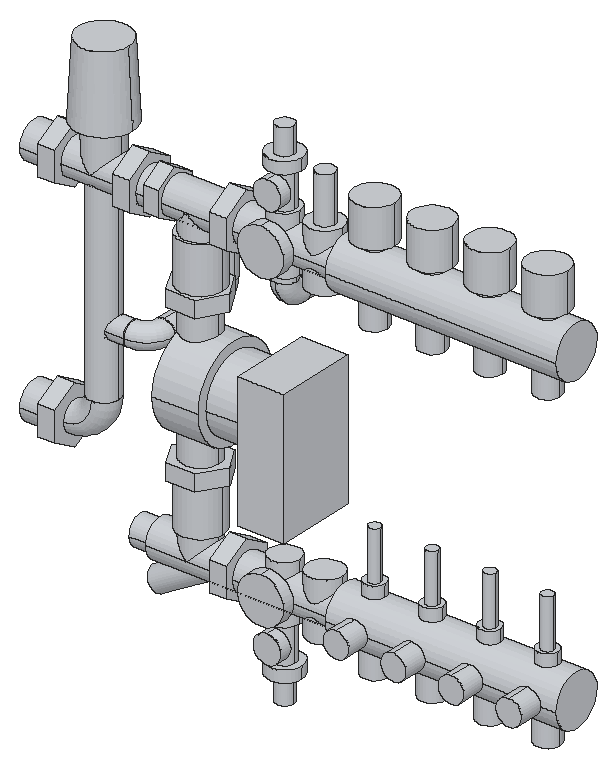
Revit family "318_3dab38ccfa9a4ba2b3cf6a35155c04", category Pipe Accessories, Revit 2017
Family settings
  Round Connector Dimension = Use Diameter
  Part Type = Valve - Normal
  Work Plane-Based = No
  Always vertical = Yes
  Cut with Voids When Loaded = No
  Shared = No
Parameters (values of type "R557RY024")
  magi_piping_qv_2_4 [instance] = 0.0 L/s
  magi_piping_qv_2_3 [instance] = 0.0 L/s
  magi_piping_qv_2_2 [instance] = 0.0 L/s
  magi_piping_qv_2_1 [instance] = 0.0 L/s
  magi_piping_qv_1_4 [instance] = 0.0 L/s
  magi_piping_qv_1_3 [instance] = 0.0 L/s
  magi_piping_qv_1_2 [instance] = 0.0 L/s
  magi_piping_qv_1_1 [instance] = 0.0 L/s
  magi_piping_qv [instance] = 0.0 L/s
  magi_piping_power_4 [instance] = 0 W
  magi_piping_power_3 [instance] = 0 W
  magi_piping_power_2 [instance] = 0 W
  magi_piping_power_1 [instance] = 0 W
  magi_piping_kv_4 [instance] = 0
  magi_piping_kv_3 [instance] = 0
  magi_piping_kv_2 [instance] = 0
  magi_piping_kv_1 [instance] = 0
  magi_piping_dpTot_4 [instance] = 0.0 Pa
  magi_piping_dpTot_3 [instance] = 0.0 Pa
  magi_piping_dpTot_2 [instance] = 0.0 Pa
  magi_piping_dpTot_1 [instance] = 0.0 Pa
  magi_adjustmentValue_4 [instance] = ""
  magi_adjustmentValue_3 [instance] = ""
  magi_adjustmentValue_2 [instance] = ""
  magi_adjustmentValue_1 [instance] = ""
  magiProductId = "3dab38ccfa9a4ba2b3cf6a35155c04"
  magiProductFamilyId = "3dab38ccfa9a4ba2b3cf6a35155c04"
  magiProductCode = "R557RY024"
  magiPartTypeId = 318
  X1 = 295 mm
  VersionID = "2.0/2016.10.37.0/GIACOMINI_R557R-2_001"
  VL1__ve = -VL1  # -270 mm
  VL1 = 270 mm
  URL = "http://www.giacomini.com/en"
  SMP = 25 mm
  SBP9 = 18 mm
  SBP8 = 18 mm
  SBP7 = 18 mm
  SBP6 = 18 mm
  SBP5 = 18 mm
  SBP4 = 18 mm
  SBP3 = 18 mm
  SBP2 = 18 mm
  SBP12 = 18 mm
  SBP11 = 18 mm
  SBP10 = 18 mm
  SBP1 = 18 mm
  RMP = 25 mm
  RBP9 = 18 mm
  RBP8 = 18 mm
  RBP7 = 18 mm
  RBP6 = 18 mm
  RBP5 = 18 mm
  RBP4 = 18 mm
  RBP3 = 18 mm
  RBP2 = 18 mm
  RBP12 = 18 mm
  RBP11 = 18 mm
  RBP10 = 18 mm
  RBP1 = 18 mm
  R2 = 22 mm
  QmdConnectorList = "321;SMP;322;SBP1;323;SBP2;324;SBP3;325;SBP4;351;RMP;352;RBP1;353;RBP2;354;RBP3;355;RBP4"
  Productdata [instance] = "© Progman Oy, all rights reserved"
  PUMP = yes
  P0 = no
  N9 = no
  N8 = no
  N7 = no
  N6 = no
  N5 = no
  N12 = no
  N11 = no
  N10 = no
  Manufacturer = "Giacomini"
  MC_Default_elevation = 0 mm
  L = 200 mm
  I = 50 mm
  H5 = 33 mm
  H4 = 5 mm
  H3__ve = -H3  # -40 mm
  H3 = 40 mm
  H2__ve = -H2  # -20 mm
  H2 = 20 mm
  H12 = 42 mm
  H11 = 10 mm
  Flow supply main [instance] = Flow supply 1 + Flow supply 2 + Flow supply 3 + Flow supply 4  # 0.0 L/s
  Flow supply 4 [instance] = 0.0 L/s
  Flow supply 3 [instance] = 0.0 L/s
  Flow supply 2 [instance] = 0.0 L/s
  Flow supply 1 [instance] = 0.0 L/s
  Flow return main [instance] = Flow return 1 + Flow return 2 + Flow return 3 + Flow return 4  # 0.0 L/s
  Flow return 4 [instance] = 0.0 L/s
  Flow return 3 [instance] = 0.0 L/s
  Flow return 2 [instance] = 0.0 L/s
  Flow return 1 [instance] = 0.0 L/s
  E = 271 mm
  Description = "MIXING AND DISTRIBUTION MANIFOLD FOR FIXED POINT"
  D4 = 22 mm
  D32 = 10 mm
  D31 = 18 mm
  D2 = 44 mm
  CAT0 = yes
Reference planes
  plane 1 "Center (Front/Back)": y = 0
  plane 2 "XYPLANE": z = 0
  plane 3 "Center (Left/Right)": x = 0
  plane 4 "INIT_TEMP": y = 100
  plane 5 "442": z = -40
  plane 6 "441": z = -106
  plane 7 "440": z = -61
  plane 8 "439": z = -46
  plane 9 "438": y = 15
  plane 10 "437": z = -31
  plane 11 "436": x = 202
  plane 12 "435": x = 217
  plane 13 "434": y = 65
  plane 14 "433": y = 80
  plane 15 "432": x = 115
  plane 16 "431": z = -177
  plane 17 "430": x = 35
  plane 18 "429": x = 20
  plane 19 "428": x = 100
  plane 20 "427": x = 60
  plane 21 "426": z = -246
  plane 22 "425": x = 252
  plane 23 "424": z = 25
  plane 24 "423": x = 144
  plane 25 "422": z = -239
  plane 26 "421": z = 27
  plane 27 "420": z = -296
  plane 28 "419": x = 845
  plane 29 "418": x = 795
  plane 30 "417": x = 745
  plane 31 "416": x = 695
  plane 32 "415": x = 645
  plane 33 "414": x = 595
  plane 34 "413": x = 545
  plane 35 "412": x = 495
  plane 36 "411": x = 445
  plane 37 "410": x = 395
  plane 38 "409": y = -22
  plane 39 "408": x = 345
  plane 40 "407": x = 295
  plane 41 "406": z = 22
  plane 42 "405": z = 0
  plane 43 "404": z = -271
  plane 44 "403": y = 0
  plane 45 "402": x = 0
  plane 46 "401": z = -249
  plane 47 "400": x = 270
  plane 48 "399": z = -21
  plane 49 "398": z = -61
  plane 50 "397": z = -250
  plane 51 "396": z = -210
  plane 52 "395": z = -328
  plane 53 "394": z = -338
  plane 54 "393": z = -312
  plane 55 "392": y = -9
  plane 56 "391": y = -16
  plane 57 "390": x = 184
  plane 58 "389": x = 127
  plane 59 "388": x = 122
  plane 60 "387": z = -202
  plane 61 "386": x = 109
  plane 62 "385": x = 164
  plane 63 "384": x = 217
  plane 64 "383": z = 25
  plane 65 "382": z = 41
  plane 66 "381": z = 57
  plane 67 "380": z = 67
  plane 68 "379": z = 36
  plane 69 "378": z = 101
  plane 70 "377": z = -196
  plane 71 "376": x = 134
  plane 72 "375": z = -135.5
  plane 73 "374": x = 174
  plane 74 "373": x = 204
  plane 75 "372": z = -155.5
  plane 76 "371": z = -121
  plane 77 "370": x = 85
  plane 78 "369": y = 15
  plane 79 "368": x = 100
  plane 80 "367": y = 65
  plane 81 "366": z = -311
  plane 82 "1172": through (164, 750, -271) normal (0.866, 0, 0.5)
Forms (mm)
  Extrusion 1, solid
    sketch origin (-750, 0, -61) x (1, 0, 0) y (0, 1, 0)
      loop
        circle (850, 80) r 10
    from 0 to -45
  Revolve 2, solid
    sketch origin (100, 65, -121) x (0, 0, 1) y (1, 0, 0)
      loop
        circle (0, 0) r 10
      axis (15, 0) -> (15, -1)
    angle from 0 to -90
  Revolve 3, solid
    sketch origin (100, 80, -61) x (1, 0, 0) y (0, 1, 0)
      loop
        circle (0, 0) r 10
      axis (15, 0) -> (15, -1)
    angle from 0 to -90
  Revolve 4, solid
    sketch origin (217, 65, -46) x (0, 0, 1) y (1, 0, 0)
      loop
        circle (0, 0) r 10
      axis (10, -15) -> (-10, -15)
    angle from 0 to -90
  Extrusion 5, solid
    sketch origin (115, -750, 0) x (0, 1, 0) y (0, 0, 1)
      loop
        circle (830, -46) r 10
    from 0 to 87
  Revolve 6, solid
    sketch origin (35, 0, -202) x (0, 1, 0) y (0, 0, 1)
      loop
        circle (0, 0) r 13
      axis (-13, 25) -> (13, 25)
    angle from 0 to -90
  Extrusion 7, solid
    sketch origin (20, -750, 0) x (0, 1, 0) y (0, 0, 1)
      loop
        circle (750, -202) r 16
    from 0 to -20
  Extrusion 8, solid
    sketch origin (20, -750, 0) x (0, 1, 0) y (0, 0, 1)
      loop
        line (750, -177) -> (728.349, -189.5) -> (728.349, -214.5) -> (750, -227) -> (771.651, -214.5) -> (771.651, -189.5) -> (750, -177)
    from 0 to 15
  Extrusion 9, solid
    sketch origin (20, -750, 0) x (0, 1, 0) y (0, 0, 1)
      loop
        line (750, 25) -> (728.349, 12.5) -> (728.349, -12.5) -> (750, -25) -> (771.651, -12.5) -> (771.651, 12.5) -> (750, 25)
    from 0 to 15
  Extrusion 10, solid
    sketch origin (-750, 0, 0) x (1, 0, 0) y (0, 1, 0)
      loop
        circle (810, 0) r 13
    from 0 to -177
  Extrusion 11, solid
    sketch origin (100, -750, 0) x (0, 1, 0) y (0, 0, 1)
      loop
        line (750, 25) -> (728.349, 12.5) -> (728.349, -12.5) -> (750, -25) -> (771.651, -12.5) -> (771.651, 12.5) -> (750, 25)
    from 0 to -15
  Extrusion 12, solid, visible <- "CAT0"
    sketch origin (-750, 0, -246) x (1, 0, 0) y (0, 1, 0)
      loop
        circle (1002, 0) r 15
    from 0 to -50
  Extrusion 13, solid
    sketch origin (-750, 0, -296) x (1, 0, 0) y (0, 1, 0)
      loop
        circle (967, 0) r 13
    from 0 to 50
  Extrusion 14, solid
    sketch origin (-750, 0, 25) x (1, 0, 0) y (0, 1, 0)
      loop
        circle (1002, 0) r 8
    from 0 to 40
  Extrusion 15, solid, visible <- "CAT0"
    sketch origin (-750, 0, 25) x (1, 0, 0) y (0, 1, 0)
      loop
        circle (1002, 0) r 15
    from 0 to -50
  Extrusion 16, solid, visible <- "N12"
    sketch origin (-750, 0, -239) x (1, 0, 0) y (0, 1, 0)
      loop
        circle (1595, 0) r 5
    from 0 to 42 <- "H12"
  Extrusion 17, solid, visible <- "N12"
    sketch origin (-750, 0, -249) x (1, 0, 0) y (0, 1, 0)
      loop
        circle (1595, 0) r 9
    from 0 to 10 <- "H11"
  Extrusion 18, solid, visible <- "N12"
    sketch origin (750, -22, 0) x (-1, 0, 0) y (0, 0, 1)
      loop
        circle (-95, -271) r 11
    from 0 to -20 <- "H2__ve"
  Extrusion 19, solid, visible <- "N11"
    sketch origin (750, -22, 0) x (-1, 0, 0) y (0, 0, 1)
      loop
        circle (-45, -271) r 11
    from 0 to -20 <- "H2__ve"
  Extrusion 20, solid, visible <- "N11"
    sketch origin (-750, 0, -249) x (1, 0, 0) y (0, 1, 0)
      loop
        circle (1545, 0) r 9
    from 0 to 10 <- "H11"
  Extrusion 21, solid, visible <- "N11"
    sketch origin (-750, 0, -239) x (1, 0, 0) y (0, 1, 0)
      loop
        circle (1545, 0) r 5
    from 0 to 42 <- "H12"
  Extrusion 22, solid, visible <- "N9"
    sketch origin (750, -22, 0) x (-1, 0, 0) y (0, 0, 1)
      loop
        circle (55, -271) r 11
    from 0 to -20 <- "H2__ve"
  Extrusion 23, solid, visible <- "N9"
    sketch origin (-750, 0, -249) x (1, 0, 0) y (0, 1, 0)
      loop
        circle (1445, 0) r 9
    from 0 to 10 <- "H11"
  Extrusion 24, solid, visible <- "N9"
    sketch origin (-750, 0, -239) x (1, 0, 0) y (0, 1, 0)
      loop
        circle (1445, 0) r 5
    from 0 to 42 <- "H12"
  Extrusion 25, solid, visible <- "N10"
    sketch origin (-750, 0, -239) x (1, 0, 0) y (0, 1, 0)
      loop
        circle (1495, 0) r 5
    from 0 to 42 <- "H12"
  Extrusion 26, solid, visible <- "N10"
    sketch origin (-750, 0, -249) x (1, 0, 0) y (0, 1, 0)
      loop
        circle (1495, 0) r 9
    from 0 to 10 <- "H11"
  Extrusion 27, solid, visible <- "N10"
    sketch origin (750, -22, 0) x (-1, 0, 0) y (0, 0, 1)
      loop
        circle (5, -271) r 11
    from 0 to -20 <- "H2__ve"
  Extrusion 28, solid, visible <- "N8"
    sketch origin (750, -22, 0) x (-1, 0, 0) y (0, 0, 1)
      loop
        circle (105, -271) r 11
    from 0 to -20 <- "H2__ve"
  Extrusion 29, solid, visible <- "N8"
    sketch origin (-750, 0, -249) x (1, 0, 0) y (0, 1, 0)
      loop
        circle (1395, 0) r 9
    from 0 to 10 <- "H11"
  Extrusion 30, solid, visible <- "N8"
    sketch origin (-750, 0, -239) x (1, 0, 0) y (0, 1, 0)
      loop
        circle (1395, 0) r 5
    from 0 to 42 <- "H12"
  Extrusion 31, solid, visible <- "N7"
    sketch origin (-750, 0, -239) x (1, 0, 0) y (0, 1, 0)
      loop
        circle (1345, 0) r 5
    from 0 to 42 <- "H12"
  Extrusion 32, solid, visible <- "N7"
    sketch origin (-750, 0, -249) x (1, 0, 0) y (0, 1, 0)
      loop
        circle (1345, 0) r 9
    from 0 to 10 <- "H11"
  Extrusion 33, solid, visible <- "N7"
    sketch origin (750, -22, 0) x (-1, 0, 0) y (0, 0, 1)
      loop
        circle (155, -271) r 11
    from 0 to -20 <- "H2__ve"
  Extrusion 34, solid, visible <- "N6"
    sketch origin (750, -22, 0) x (-1, 0, 0) y (0, 0, 1)
      loop
        circle (205, -271) r 11
    from 0 to -20 <- "H2__ve"
  Extrusion 35, solid, visible <- "N6"
    sketch origin (-750, 0, -249) x (1, 0, 0) y (0, 1, 0)
      loop
        circle (1295, 0) r 9
    from 0 to 10 <- "H11"
  Extrusion 36, solid, visible <- "N6"
    sketch origin (-750, 0, -239) x (1, 0, 0) y (0, 1, 0)
      loop
        circle (1295, 0) r 5
    from 0 to 42 <- "H12"
  Extrusion 37, solid, visible <- "N5"
    sketch origin (-750, 0, -239) x (1, 0, 0) y (0, 1, 0)
      loop
        circle (1245, 0) r 5
    from 0 to 42 <- "H12"
  Extrusion 38, solid, visible <- "N5"
    sketch origin (-750, 0, -249) x (1, 0, 0) y (0, 1, 0)
      loop
        circle (1245, 0) r 9
    from 0 to 10 <- "H11"
  Extrusion 39, solid, visible <- "N5"
    sketch origin (750, -22, 0) x (-1, 0, 0) y (0, 0, 1)
      loop
        circle (255, -271) r 11
    from 0 to -20 <- "H2__ve"
  Extrusion 40, solid
    sketch origin (750, -22, 0) x (-1, 0, 0) y (0, 0, 1)
      loop
        circle (305, -271) r 11
    from 0 to -20 <- "H2__ve"
  Extrusion 41, solid
    sketch origin (-750, 0, -249) x (1, 0, 0) y (0, 1, 0)
      loop
        circle (1195, 0) r 9
    from 0 to 10 <- "H11"
  Extrusion 42, solid
    sketch origin (-750, 0, -239) x (1, 0, 0) y (0, 1, 0)
      loop
        circle (1195, 0) r 5
    from 0 to 42 <- "H12"
  Extrusion 43, solid
    sketch origin (-750, 0, -239) x (1, 0, 0) y (0, 1, 0)
      loop
        circle (1145, 0) r 5
    from 0 to 42 <- "H12"
  Extrusion 44, solid
    sketch origin (-750, 0, -249) x (1, 0, 0) y (0, 1, 0)
      loop
        circle (1145, 0) r 9
    from 0 to 10 <- "H11"
  Extrusion 45, solid
    sketch origin (-750, 0, -249) x (1, 0, 0) y (0, 1, 0)
      loop
        circle (1095, 0) r 9
    from 0 to 10 <- "H11"
  Extrusion 46, solid
    sketch origin (-750, 0, -239) x (1, 0, 0) y (0, 1, 0)
      loop
        circle (1095, 0) r 5
    from 0 to 42 <- "H12"
  Extrusion 47, solid
    sketch origin (-750, 0, -239) x (1, 0, 0) y (0, 1, 0)
      loop
        circle (1045, 0) r 5
    from 0 to 42 <- "H12"
  Extrusion 48, solid
    sketch origin (750, -22, 0) x (-1, 0, 0) y (0, 0, 1)
      loop
        circle (355, -271) r 11
    from 0 to -20 <- "H2__ve"
  Extrusion 49, solid
    sketch origin (750, -22, 0) x (-1, 0, 0) y (0, 0, 1)
      loop
        circle (405, -271) r 11
    from 0 to -20 <- "H2__ve"
  Extrusion 50, solid
    sketch origin (750, -22, 0) x (-1, 0, 0) y (0, 0, 1)
      loop
        circle (455, -271) r 11
    from 0 to -20 <- "H2__ve"
  Extrusion 51, solid
    sketch origin (-750, 0, -249) x (1, 0, 0) y (0, 1, 0)
      loop
        circle (1045, 0) r 9
    from 0 to 10 <- "H11"
  Extrusion 52, solid
    sketch origin (270, -750, 0) x (0, 1, 0) y (0, 0, 1)
      loop
        circle (750, -271) r 22
    from 0 to 200 <- "L"
  Extrusion 53, solid
    sketch origin (-750, 0, -271) x (1, 0, 0) y (0, 1, 0)
      loop
        circle (1045, 0) r 11
    from 0 to -40 <- "H3__ve"
  Extrusion 54, solid
    sketch origin (-750, 0, -271) x (1, 0, 0) y (0, 1, 0)
      loop
        circle (1095, 0) r 11
    from 0 to -40 <- "H3__ve"
  Extrusion 55, solid
    sketch origin (-750, 0, -271) x (1, 0, 0) y (0, 1, 0)
      loop
        circle (1145, 0) r 11
    from 0 to -40 <- "H3__ve"
  Extrusion 56, solid
    sketch origin (-750, 0, -271) x (1, 0, 0) y (0, 1, 0)
      loop
        circle (1195, 0) r 11
    from 0 to -40 <- "H3__ve"
  Extrusion 57, solid, visible <- "N5"
    sketch origin (-750, 0, -271) x (1, 0, 0) y (0, 1, 0)
      loop
        circle (1245, 0) r 11
    from 0 to -40 <- "H3__ve"
  Extrusion 58, solid, visible <- "N6"
    sketch origin (-750, 0, -271) x (1, 0, 0) y (0, 1, 0)
      loop
        circle (1295, 0) r 11
    from 0 to -40 <- "H3__ve"
  Extrusion 59, solid, visible <- "N7"
    sketch origin (-750, 0, -271) x (1, 0, 0) y (0, 1, 0)
      loop
        circle (1345, 0) r 11
    from 0 to -40 <- "H3__ve"
  Extrusion 60, solid, visible <- "N12"
    sketch origin (-750, 0, -271) x (1, 0, 0) y (0, 1, 0)
      loop
        circle (1595, 0) r 11
    from 0 to -40 <- "H3__ve"
  Extrusion 61, solid, visible <- "N11"
    sketch origin (-750, 0, -271) x (1, 0, 0) y (0, 1, 0)
      loop
        circle (1545, 0) r 11
    from 0 to -40 <- "H3__ve"
  Extrusion 62, solid, visible <- "N10"
    sketch origin (-750, 0, -271) x (1, 0, 0) y (0, 1, 0)
      loop
        circle (1495, 0) r 11
    from 0 to -40 <- "H3__ve"
  Extrusion 63, solid, visible <- "N9"
    sketch origin (-750, 0, -271) x (1, 0, 0) y (0, 1, 0)
      loop
        circle (1445, 0) r 11
    from 0 to -40 <- "H3__ve"
  Extrusion 64, solid, visible <- "N8"
    sketch origin (-750, 0, -271) x (1, 0, 0) y (0, 1, 0)
      loop
        circle (1395, 0) r 11
    from 0 to -40 <- "H3__ve"
  Extrusion 65, solid
    sketch origin (270, -750, 0) x (0, 1, 0) y (0, 0, 1)
      loop
        circle (750, 0) r 22
    from 0 to 200 <- "L"
  Extrusion 66, solid
    sketch origin (-750, 0, 0) x (1, 0, 0) y (0, 1, 0)
      loop
        circle (1095, 0) r 11
    from 0 to -40 <- "H3__ve"
  Extrusion 67, solid
    sketch origin (-750, 0, 0) x (1, 0, 0) y (0, 1, 0)
      loop
        circle (1045, 0) r 11
    from 0 to -40 <- "H3__ve"
  Extrusion 68, solid
    sketch origin (-750, 0, 0) x (1, 0, 0) y (0, 1, 0)
      loop
        circle (1145, 0) r 11
    from 0 to -40 <- "H3__ve"
  Extrusion 69, solid
    sketch origin (-750, 0, 22) x (1, 0, 0) y (0, 1, 0)
      loop
        circle (1045, 0) r 11
    from 0 to 5 <- "H4"
  Extrusion 70, solid
    sketch origin (-750, 0, 27) x (1, 0, 0) y (0, 1, 0)
      loop
        circle (1045, 0) r 17.5
    from 0 to 33 <- "H5"
  Extrusion 71, solid
    sketch origin (-750, 0, 27) x (1, 0, 0) y (0, 1, 0)
      loop
        circle (1095, 0) r 17.5
    from 0 to 33 <- "H5"
  Extrusion 72, solid
    sketch origin (-750, 0, 22) x (1, 0, 0) y (0, 1, 0)
      loop
        circle (1095, 0) r 11
    from 0 to 5 <- "H4"
  Extrusion 73, solid
    sketch origin (-750, 0, 22) x (1, 0, 0) y (0, 1, 0)
      loop
        circle (1145, 0) r 11
    from 0 to 5 <- "H4"
  Extrusion 74, solid
    sketch origin (-750, 0, 27) x (1, 0, 0) y (0, 1, 0)
      loop
        circle (1145, 0) r 17.5
    from 0 to 33 <- "H5"
  Extrusion 75, solid
    sketch origin (-750, 0, 27) x (1, 0, 0) y (0, 1, 0)
      loop
        circle (1195, 0) r 17.5
    from 0 to 33 <- "H5"
  Extrusion 76, solid
    sketch origin (-750, 0, 22) x (1, 0, 0) y (0, 1, 0)
      loop
        circle (1195, 0) r 11
    from 0 to 5 <- "H4"
  Extrusion 77, solid
    sketch origin (-750, 0, 0) x (1, 0, 0) y (0, 1, 0)
      loop
        circle (1195, 0) r 11
    from 0 to -40 <- "H3__ve"
  Extrusion 78, solid, visible <- "N5"
    sketch origin (-750, 0, 0) x (1, 0, 0) y (0, 1, 0)
      loop
        circle (1245, 0) r 11
    from 0 to -40 <- "H3__ve"
  Extrusion 79, solid, visible <- "N5"
    sketch origin (-750, 0, 22) x (1, 0, 0) y (0, 1, 0)
      loop
        circle (1245, 0) r 11
    from 0 to 5 <- "H4"
  Extrusion 80, solid, visible <- "N5"
    sketch origin (-750, 0, 27) x (1, 0, 0) y (0, 1, 0)
      loop
        circle (1245, 0) r 17.5
    from 0 to 33 <- "H5"
  Extrusion 81, solid, visible <- "N6"
    sketch origin (-750, 0, 27) x (1, 0, 0) y (0, 1, 0)
      loop
        circle (1295, 0) r 17.5
    from 0 to 33 <- "H5"
  Extrusion 82, solid, visible <- "N6"
    sketch origin (-750, 0, 22) x (1, 0, 0) y (0, 1, 0)
      loop
        circle (1295, 0) r 11
    from 0 to 5 <- "H4"
  Extrusion 83, solid, visible <- "N6"
    sketch origin (-750, 0, 0) x (1, 0, 0) y (0, 1, 0)
      loop
        circle (1295, 0) r 11
    from 0 to -40 <- "H3__ve"
  Extrusion 84, solid, visible <- "N7"
    sketch origin (-750, 0, 0) x (1, 0, 0) y (0, 1, 0)
      loop
        circle (1345, 0) r 11
    from 0 to -40 <- "H3__ve"
  Extrusion 85, solid, visible <- "N7"
    sketch origin (-750, 0, 22) x (1, 0, 0) y (0, 1, 0)
      loop
        circle (1345, 0) r 11
    from 0 to 5 <- "H4"
  Extrusion 86, solid, visible <- "N7"
    sketch origin (-750, 0, 27) x (1, 0, 0) y (0, 1, 0)
      loop
        circle (1345, 0) r 17.5
    from 0 to 33 <- "H5"
  Extrusion 87, solid, visible <- "N9"
    sketch origin (-750, 0, 27) x (1, 0, 0) y (0, 1, 0)
      loop
        circle (1445, 0) r 17.5
    from 0 to 33 <- "H5"
  Extrusion 88, solid, visible <- "N9"
    sketch origin (-750, 0, 22) x (1, 0, 0) y (0, 1, 0)
      loop
        circle (1445, 0) r 11
    from 0 to 5 <- "H4"
  Extrusion 89, solid, visible <- "N9"
    sketch origin (-750, 0, 0) x (1, 0, 0) y (0, 1, 0)
      loop
        circle (1445, 0) r 11
    from 0 to -40 <- "H3__ve"
  Extrusion 90, solid, visible <- "N8"
    sketch origin (-750, 0, 0) x (1, 0, 0) y (0, 1, 0)
      loop
        circle (1395, 0) r 11
    from 0 to -40 <- "H3__ve"
  Extrusion 91, solid, visible <- "N8"
    sketch origin (-750, 0, 22) x (1, 0, 0) y (0, 1, 0)
      loop
        circle (1395, 0) r 11
    from 0 to 5 <- "H4"
  Extrusion 92, solid, visible <- "N8"
    sketch origin (-750, 0, 27) x (1, 0, 0) y (0, 1, 0)
      loop
        circle (1395, 0) r 17.5
    from 0 to 33 <- "H5"
  Extrusion 93, solid, visible <- "N11"
    sketch origin (-750, 0, 27) x (1, 0, 0) y (0, 1, 0)
      loop
        circle (1545, 0) r 17.5
    from 0 to 33 <- "H5"
  Extrusion 94, solid, visible <- "N11"
    sketch origin (-750, 0, 22) x (1, 0, 0) y (0, 1, 0)
      loop
        circle (1545, 0) r 11
    from 0 to 5 <- "H4"
  Extrusion 95, solid, visible <- "N11"
    sketch origin (-750, 0, 0) x (1, 0, 0) y (0, 1, 0)
      loop
        circle (1545, 0) r 11
    from 0 to -40 <- "H3__ve"
  Extrusion 96, solid, visible <- "N12"
    sketch origin (-750, 0, 0) x (1, 0, 0) y (0, 1, 0)
      loop
        circle (1595, 0) r 11
    from 0 to -40 <- "H3__ve"
  Extrusion 97, solid, visible <- "N12"
    sketch origin (-750, 0, 22) x (1, 0, 0) y (0, 1, 0)
      loop
        circle (1595, 0) r 11
    from 0 to 5 <- "H4"
  Extrusion 98, solid, visible <- "N12"
    sketch origin (-750, 0, 27) x (1, 0, 0) y (0, 1, 0)
      loop
        circle (1595, 0) r 17.5
    from 0 to 33 <- "H5"
  Extrusion 99, solid, visible <- "N10"
    sketch origin (-750, 0, 27) x (1, 0, 0) y (0, 1, 0)
      loop
        circle (1495, 0) r 17.5
    from 0 to 33 <- "H5"
  Extrusion 100, solid, visible <- "N10"
    sketch origin (-750, 0, 22) x (1, 0, 0) y (0, 1, 0)
      loop
        circle (1495, 0) r 11
    from 0 to 5 <- "H4"
  Extrusion 101, solid, visible <- "N10"
    sketch origin (-750, 0, 0) x (1, 0, 0) y (0, 1, 0)
      loop
        circle (1495, 0) r 11
    from 0 to -40 <- "H3__ve"
  Extrusion 102, solid
    sketch origin (270, -750, 0) x (0, 1, 0) y (0, 0, 1)
      loop
        circle (750, -271) r 16
    from 0 to -161
  Extrusion 103, solid
    sketch origin (184, -750, 0) x (0, 1, 0) y (0, 0, 1)
      loop
        line (750, -246) -> (728.349, -258.5) -> (728.349, -283.5) -> (750, -296) -> (771.651, -283.5) -> (771.651, -258.5) -> (750, -246)
    from 0 to -15
  Extrusion 104, solid
    sketch origin (184, -750, 0) x (0, 1, 0) y (0, 0, 1)
      loop
        line (750, 25) -> (728.349, 12.5) -> (728.349, -12.5) -> (750, -25) -> (771.651, -12.5) -> (771.651, 12.5) -> (750, 25)
    from 0 to -15
  Extrusion 105, solid
    sketch origin (270, -750, 0) x (0, 1, 0) y (0, 0, 1)
      loop
        circle (750, 0) r 16
    from 0 to -270 <- "VL1__ve"
  Extrusion 106, solid
    sketch origin (122, -750, 0) x (0, 1, 0) y (0, 0, 1)
      loop
        line (750, 21) -> (731.813, 10.5) -> (731.813, -10.5) -> (750, -21) -> (768.187, -10.5) -> (768.187, 10.5) -> (750, 21)
    from 0 to -13
  Extrusion 107, solid
    sketch origin (127, -750, 0) x (0, 1, 0) y (0, 0, 1)
      loop
        line (750, -256) -> (737.01, -263.5) -> (737.01, -278.5) -> (750, -286) -> (762.99, -278.5) -> (762.99, -263.5) -> (750, -256)
    from 0 to -15
  Extrusion 108, solid, visible <- "CAT0"
    sketch origin (109, -750, 0) x (0, 1, 0) y (0, 0, 1)
      loop
        circle (750, -271) r 12.5
    from 0 to -17
  Extrusion 109, solid
    sketch origin (164, 750, -271) x (0, -1, 0) y (0.5, 0, -0.866025)
      loop
        circle (750, 0) r 10.5
    from 0 to -65
  Extrusion 110, solid
    sketch origin (-750, 0, -21) x (1, 0, 0) y (0, 1, 0)
      loop
        circle (894, 0) r 19
    from 0 to -40
  Extrusion 111, solid
    sketch origin (-750, 0, 0) x (1, 0, 0) y (0, 1, 0)
      loop
        circle (894, 0) r 16
    from 0 to -21
  Extrusion 112, solid
    sketch origin (-750, 0, -61) x (1, 0, 0) y (0, 1, 0)
      loop
        line (869, 0) -> (881.5, -21.651) -> (906.5, -21.651) -> (919, 0) -> (906.5, 21.651) -> (881.5, 21.651) -> (869, 0)
    from 0 to -14
  Extrusion 113, solid
    sketch origin (-750, 0, -210) x (1, 0, 0) y (0, 1, 0)
      loop
        line (919, 0) -> (906.5, 21.651) -> (881.5, 21.651) -> (869, 0) -> (881.5, -21.651) -> (906.5, -21.651) -> (919, 0)
    from 0 to 14
  Extrusion 114, solid
    sketch origin (-750, 0, -271) x (1, 0, 0) y (0, 1, 0)
      loop
        circle (894, 0) r 16
    from 0 to 21
  Extrusion 115, solid
    sketch origin (-750, 0, -250) x (1, 0, 0) y (0, 1, 0)
      loop
        circle (894, 0) r 19
    from 0 to 40
  Extrusion 116, solid
    sketch origin (-750, 0, -296) x (1, 0, 0) y (0, 1, 0)
      loop
        circle (967, 0) r 9
    from 0 to -32
  Extrusion 117, solid
    sketch origin (-750, 0, -328) x (1, 0, 0) y (0, 1, 0)
      loop
        circle (967, 0) r 15
    from 0 to -10
  Extrusion 118, solid
    sketch origin (-750, 0, -338) x (1, 0, 0) y (0, 1, 0)
      loop
        circle (967, 0) r 7.5
    from 0 to -22
  Extrusion 119, solid
    sketch origin (750, -9, 0) x (-1, 0, 0) y (0, 0, 1)
      loop
        circle (533, -312) r 12
    from 0 to -10
  Extrusion 120, solid
    sketch origin (750, -16, 0) x (-1, 0, 0) y (0, 0, 1)
      loop
        circle (533, -271) r 20
    from 0 to -10
  Extrusion 121, solid
    sketch origin (-750, 0, 25) x (1, 0, 0) y (0, 1, 0)
      loop
        circle (967, 0) r 13
    from 0 to -50
  Extrusion 122, solid
    sketch origin (750, -9, 0) x (-1, 0, 0) y (0, 0, 1)
      loop
        circle (533, 41) r 12
    from 0 to -10
  Extrusion 123, solid
    sketch origin (-750, 0, 67) x (1, 0, 0) y (0, 1, 0)
      loop
        circle (967, 0) r 7.5
    from 0 to 22
  Extrusion 124, solid
    sketch origin (-750, 0, 57) x (1, 0, 0) y (0, 1, 0)
      loop
        circle (967, 0) r 15
    from 0 to 10
  Extrusion 125, solid
    sketch origin (-750, 0, 25) x (1, 0, 0) y (0, 1, 0)
      loop
        circle (967, 0) r 9
    from 0 to 32
  Extrusion 126, solid
    sketch origin (750, -16, 0) x (-1, 0, 0) y (0, 0, 1)
      loop
        circle (533, 0) r 20
    from 0 to -10
  Extrusion 127, solid
    sketch origin (-750, 0, 0) x (1, 0, 0) y (0, 1, 0)
      loop
        circle (810, 0) r 16
    from 0 to 36
  Blend 128, solid
    base sketch origin (-750, 0, 36) x (1, 0, 0) y (0, 1, 0)
      loop
        circle (810, 0) r 25
    top sketch origin (-750, 0, 36) x (1, 0, 0) y (0, 1, 0)
      loop
        circle (810, 0) r 22
    from 0 to 65
  Extrusion 129, solid, visible <- "P0"
    sketch origin (-750, 0, -196) x (1, 0, 0) y (0, 1, 0)
      loop
        circle (894, 0) r 19
    from 0 to 121
  Extrusion 130, solid, visible <- "PUMP"
    sketch origin (134, -750, 0) x (0, 1, 0) y (0, 0, 1)
      loop
        circle (750, -135.5) r 40
    from 0 to 40
  Extrusion 131, solid, visible <- "PUMP"
    sketch origin (-750, 0, -196) x (1, 0, 0) y (0, 1, 0)
      loop
        circle (894, 0) r 16
    from 0 to 121
  Extrusion 132, solid, visible <- "PUMP"
    sketch origin (174, -750, 0) x (0, 1, 0) y (0, 0, 1)
      loop
        circle (750, -135.5) r 32.5
    from 0 to 30
  Extrusion 133, solid, visible <- "PUMP"
    sketch origin (204, -750, 0) x (0, 1, 0) y (0, 0, 1)
      loop
        line (715, -97.5) -> (715, -213.5) -> (785, -213.5) -> (785, -97.5) -> (715, -97.5)
    from 0 to 40
  Extrusion 134, solid
    sketch origin (60, -750, 0) x (0, 1, 0) y (0, 0, 1)
      loop
        circle (750, -121) r 10
    from 0 to 25
  Revolve 135, solid
    sketch origin (85, 0, -121) x (0, 1, 0) y (0, 0, 1)
      loop
        circle (0, 0) r 10
      axis (15, 0) -> (15, -1)
    angle from 0 to -90
  Extrusion 136, solid
    sketch origin (750, 15, 0) x (-1, 0, 0) y (0, 0, 1)
      loop
        circle (650, -121) r 10
    from 0 to 50
  Extrusion 137, solid
    sketch origin (-750, 0, -31) x (1, 0, 0) y (0, 1, 0)
      loop
        circle (967, 0) r 10
    from 0 to 6
  Extrusion 138, solid
    sketch origin (750, 15, 0) x (-1, 0, 0) y (0, 0, 1)
      loop
        circle (533, -46) r 10
    from 0 to 50
  Revolve 139, solid
    sketch origin (217, 15, -46) x (0, 0, -1) y (1, 0, 0)
      loop
        circle (0, 0) r 10
      axis (-15, 0) -> (-15, 1)
    angle from 0 to -90
  Extrusion 140, solid, not visible
    sketch origin (-750, 0, -311) x (1, 0, 0) y (0, 1, 0)
      loop
        circle (1095, 0) r 10
    from 0 to 10
  Extrusion 141, solid, not visible
    sketch origin (-750, 0, -311) x (1, 0, 0) y (0, 1, 0)
      loop
        circle (1045, 0) r 10
    from 0 to 10
  Extrusion 142, solid, not visible
    sketch origin (0, -750, 0) x (0, 1, 0) y (0, 0, 1)
      loop
        circle (750, -202) r 10
    from 0 to 10
  Extrusion 143, solid, not visible
    sketch origin (0, -750, 0) x (0, 1, 0) y (0, 0, 1)
      loop
        circle (750, 0) r 10
    from 0 to 10
  Extrusion 144, solid, not visible
    sketch origin (-750, 0, -311) x (1, 0, 0) y (0, 1, 0)
      loop
        circle (1145, 0) r 10
    from 0 to 10
  Extrusion 145, solid, not visible
    sketch origin (-750, 0, -311) x (1, 0, 0) y (0, 1, 0)
      loop
        circle (1195, 0) r 10
    from 0 to 10
  Extrusion 146, solid, not visible
    sketch origin (-750, 0, -40) x (1, 0, 0) y (0, 1, 0)
      loop
        circle (1145, 0) r 10
    from 0 to 10
  Extrusion 147, solid, not visible
    sketch origin (-750, 0, -40) x (1, 0, 0) y (0, 1, 0)
      loop
        circle (1045, 0) r 10
    from 0 to 10
  Extrusion 148, solid, not visible
    sketch origin (-750, 0, -40) x (1, 0, 0) y (0, 1, 0)
      loop
        circle (1095, 0) r 10
    from 0 to 10
  Extrusion 149, solid, not visible
    sketch origin (-750, 0, -40) x (1, 0, 0) y (0, 1, 0)
      loop
        circle (1195, 0) r 10
    from 0 to 10
Text (mm)
  text "© Progman Oy, all rights reserved" at (-472.209, -2482.653, 0), in view "Ref. Level"
Dimensions and locks
  plane 4 "INIT_TEMP" to plane 1 "Center (Front/Back)" = 100 mm
  "H3": plane 2 "XYPLANE" to plane 5 "442"
  locked: plane 76 "371" to plane 6 "441" at 15
  locked: plane 8 "439" to plane 7 "440" at 15
  locked: plane 10 "437" to plane 8 "439" at 15
  locked: plane 1 "Center (Front/Back)" to plane 9 "438" at 15
  locked: plane 2 "XYPLANE" to plane 10 "437" at 31
  locked: plane 12 "435" to plane 11 "436" at 15
  locked: plane 15 "432" to plane 12 "435" at 102
  locked: plane 14 "433" to plane 13 "434" at 15
  locked: plane 80 "367" to plane 14 "433" at 15
  locked: plane 79 "368" to plane 15 "432" at 15
  locked: plane 60 "387" to plane 16 "431" at 25
  locked: plane 18 "429" to plane 17 "430" at 15
  locked: plane 20 "427" to plane 18 "429" at 40
  locked: plane 20 "427" to plane 19 "428" at 40
  locked: plane 47 "400" to plane 20 "427" at 210
  locked: plane 43 "404" to plane 21 "426" at 25
  locked: plane 47 "400" to plane 22 "425" at 18
  locked: plane 2 "XYPLANE" to plane 23 "424" at 25
  locked: plane 3 "Center (Left/Right)" to plane 24 "423" at 144
  "H11": plane 46 "401" to plane 25 "422"
  "H4": plane 41 "406" to plane 26 "421"
  locked: plane 43 "404" to plane 27 "420" at 25
  "I": plane 29 "418" to plane 28 "419"
  "I": plane 30 "417" to plane 29 "418"
  "I": plane 31 "416" to plane 30 "417"
  "I": plane 32 "415" to plane 31 "416"
  "I": plane 33 "414" to plane 32 "415"
  "I": plane 34 "413" to plane 33 "414"
  "I": plane 35 "412" to plane 34 "413"
  "I": plane 36 "411" to plane 35 "412"
  "I": plane 37 "410" to plane 36 "411"
  "I": plane 39 "408" to plane 37 "410"
  "R2": plane 1 "Center (Front/Back)" to plane 38 "409"
  "I": plane 40 "407" to plane 39 "408"
  "X1": plane 3 "Center (Left/Right)" to plane 40 "407"
  "R2": plane 2 "XYPLANE" to plane 41 "406"
  locked: plane 2 "XYPLANE" to plane 42 "405"
  "E": plane 2 "XYPLANE" to plane 43 "404"
  locked: plane 1 "Center (Front/Back)" to plane 44 "403"
  locked: plane 3 "Center (Left/Right)" to plane 45 "402"
  "R2": plane 43 "404" to plane 46 "401"
  "VL1": plane 3 "Center (Left/Right)" to plane 47 "400"
  locked: plane 2 "XYPLANE" to plane 48 "399" at 21
  locked: plane 48 "399" to plane 49 "398" at 40
  locked: plane 43 "404" to plane 50 "397" at 21
  locked: plane 50 "397" to plane 51 "396" at 40
  locked: plane 27 "420" to plane 52 "395" at 32
  locked: plane 52 "395" to plane 53 "394" at 10
  locked: plane 27 "420" to plane 54 "393" at 16
  locked: plane 1 "Center (Front/Back)" to plane 55 "392" at 9
  locked: plane 1 "Center (Front/Back)" to plane 56 "391" at 16
  locked: plane 24 "423" to plane 57 "390" at 40
  locked: plane 24 "423" to plane 58 "389" at 17
  locked: plane 24 "423" to plane 59 "388" at 22
  locked: plane 2 "XYPLANE" to plane 60 "387" at 202
  locked: plane 47 "400" to plane 61 "386" at 161
  locked: plane 57 "390" to plane 62 "385" at 20
  locked: plane 47 "400" to plane 63 "384" at 53
  locked: plane 2 "XYPLANE" to plane 64 "383" at 25
  locked: plane 64 "383" to plane 65 "382" at 16
  locked: plane 64 "383" to plane 66 "381" at 32
  locked: plane 66 "381" to plane 67 "380" at 10
  locked: plane 2 "XYPLANE" to plane 68 "379" at 36
  locked: plane 68 "379" to plane 69 "378" at 65
  locked: plane 51 "396" to plane 70 "377" at 14
  locked: plane 24 "423" to plane 71 "376" at 10
  locked: plane 70 "377" to plane 72 "375" at 60.5
  locked: plane 71 "376" to plane 73 "374" at 40
  locked: plane 73 "374" to plane 74 "373" at 30
  locked: plane 72 "375" to plane 75 "372" at 20
  locked: plane 2 "XYPLANE" to plane 76 "371" at 121
  locked: plane 20 "427" to plane 77 "370" at 25
  locked: plane 1 "Center (Front/Back)" to plane 78 "369" at 15
  locked: plane 77 "370" to plane 79 "368" at 15
  locked: plane 78 "369" to plane 80 "367" at 50
  "H3": plane 43 "404" to plane 81 "366"
  "D32": diameter of Extrusion 16 sketch curve
  "D31": diameter of Extrusion 17 sketch curve
  "D4": diameter of Extrusion 18 sketch curve
  "D4": diameter of Extrusion 19 sketch curve
  "D31": diameter of Extrusion 20 sketch curve
  "D32": diameter of Extrusion 21 sketch curve
  "D4": diameter of Extrusion 22 sketch curve
  "D31": diameter of Extrusion 23 sketch curve
  "D32": diameter of Extrusion 24 sketch curve
  "D32": diameter of Extrusion 25 sketch curve
  "D31": diameter of Extrusion 26 sketch curve
  "D4": diameter of Extrusion 27 sketch curve
  "D4": diameter of Extrusion 28 sketch curve
  "D31": diameter of Extrusion 29 sketch curve
  "D32": diameter of Extrusion 30 sketch curve
  "D32": diameter of Extrusion 31 sketch curve
  "D31": diameter of Extrusion 32 sketch curve
  "D4": diameter of Extrusion 33 sketch curve
  "D4": diameter of Extrusion 34 sketch curve
  "D31": diameter of Extrusion 35 sketch curve
  "D32": diameter of Extrusion 36 sketch curve
  "D32": diameter of Extrusion 37 sketch curve
  "D31": diameter of Extrusion 38 sketch curve
  "D4": diameter of Extrusion 39 sketch curve
  "D4": diameter of Extrusion 40 sketch curve
  "D31": diameter of Extrusion 41 sketch curve
  "D32": diameter of Extrusion 42 sketch curve
  "D32": diameter of Extrusion 43 sketch curve
  "D31": diameter of Extrusion 44 sketch curve
  "D31": diameter of Extrusion 45 sketch curve
  "D32": diameter of Extrusion 46 sketch curve
  "D32": diameter of Extrusion 47 sketch curve
  "D4": diameter of Extrusion 48 sketch curve
  "D4": diameter of Extrusion 49 sketch curve
  "D4": diameter of Extrusion 50 sketch curve
  "D31": diameter of Extrusion 51 sketch curve
  "D2": diameter of Extrusion 52 sketch curve
  "D4": diameter of Extrusion 53 sketch curve
  "D4": diameter of Extrusion 54 sketch curve
  "D4": diameter of Extrusion 55 sketch curve
  "D4": diameter of Extrusion 56 sketch curve
  "D4": diameter of Extrusion 57 sketch curve
  "D4": diameter of Extrusion 58 sketch curve
  "D4": diameter of Extrusion 59 sketch curve
  "D4": diameter of Extrusion 60 sketch curve
  "D4": diameter of Extrusion 61 sketch curve
  "D4": diameter of Extrusion 62 sketch curve
  "D4": diameter of Extrusion 63 sketch curve
  "D4": diameter of Extrusion 64 sketch curve
  "D2": diameter of Extrusion 65 sketch curve
  "D4": diameter of Extrusion 66 sketch curve
  "D4": diameter of Extrusion 67 sketch curve
  "D4": diameter of Extrusion 68 sketch curve
  "D4": diameter of Extrusion 69 sketch curve
  diameter of Extrusion 70 sketch curve = 35 mm
  diameter of Extrusion 71 sketch curve = 35 mm
  "D4": diameter of Extrusion 72 sketch curve
  "D4": diameter of Extrusion 73 sketch curve
  diameter of Extrusion 74 sketch curve = 35 mm
  diameter of Extrusion 75 sketch curve = 35 mm
  "D4": diameter of Extrusion 76 sketch curve
  "D4": diameter of Extrusion 77 sketch curve
  "D4": diameter of Extrusion 78 sketch curve
  "D4": diameter of Extrusion 79 sketch curve
  diameter of Extrusion 80 sketch curve = 35 mm
  diameter of Extrusion 81 sketch curve = 35 mm
  "D4": diameter of Extrusion 82 sketch curve
  "D4": diameter of Extrusion 83 sketch curve
  "D4": diameter of Extrusion 84 sketch curve
  "D4": diameter of Extrusion 85 sketch curve
  diameter of Extrusion 86 sketch curve = 35 mm
  diameter of Extrusion 87 sketch curve = 35 mm
  "D4": diameter of Extrusion 88 sketch curve
  "D4": diameter of Extrusion 89 sketch curve
  "D4": diameter of Extrusion 90 sketch curve
  "D4": diameter of Extrusion 91 sketch curve
  diameter of Extrusion 92 sketch curve = 35 mm
  diameter of Extrusion 93 sketch curve = 35 mm
  "D4": diameter of Extrusion 94 sketch curve
  "D4": diameter of Extrusion 95 sketch curve
  "D4": diameter of Extrusion 96 sketch curve
  "D4": diameter of Extrusion 97 sketch curve
  diameter of Extrusion 98 sketch curve = 35 mm
  diameter of Extrusion 99 sketch curve = 35 mm
  "D4": diameter of Extrusion 100 sketch curve
  "D4": diameter of Extrusion 101 sketch curve
  aligned and locked: level to plane 2 "XYPLANE"
  aligned and locked: plane 14 "433" to Extrusion 1 sketch curve
  aligned and locked: plane 79 "368" to Extrusion 1 sketch curve
  aligned and locked: plane 76 "371" to Revolve 2 sketch curve
  aligned and locked: plane 79 "368" to Revolve 2 sketch curve
  aligned and locked: plane 14 "433" to Revolve 3 sketch curve
  aligned and locked: plane 79 "368" to Revolve 3 sketch curve
  aligned and locked: Revolve 3 sketch curve to plane 15 "432"
  aligned and locked: plane 8 "439" to Revolve 4 sketch curve
  aligned and locked: plane 12 "435" to Revolve 4 sketch curve
  aligned and locked: plane 8 "439" to Extrusion 5 sketch curve
  aligned and locked: Extrusion 5 sketch curve to plane 14 "433"
  aligned and locked: Revolve 6 sketch curve to plane 44 "403"
  aligned and locked: plane 60 "387" to Revolve 6 sketch curve
  aligned and locked: Extrusion 7 sketch curve to plane 44 "403"
  aligned and locked: plane 60 "387" to Extrusion 7 sketch curve
  aligned and locked: plane 20 "427" to Extrusion 10 sketch curve
  aligned and locked: plane 44 "403" to Extrusion 10 sketch curve
  aligned and locked: plane 22 "425" to Extrusion 12 sketch curve
  aligned and locked: plane 44 "403" to Extrusion 12 sketch curve
  aligned and locked: plane 44 "403" to Extrusion 13 sketch curve
  aligned and locked: plane 63 "384" to Extrusion 13 sketch curve
  aligned and locked: plane 22 "425" to Extrusion 14 sketch curve
  aligned and locked: plane 44 "403" to Extrusion 14 sketch curve
  aligned and locked: plane 22 "425" to Extrusion 15 sketch curve
  aligned and locked: plane 44 "403" to Extrusion 15 sketch curve
  aligned and locked: plane 28 "419" to Extrusion 16 sketch curve
  aligned and locked: Extrusion 16 sketch curve to plane 44 "403"
  aligned and locked: plane 28 "419" to Extrusion 17 sketch curve
  aligned and locked: Extrusion 17 sketch curve to plane 44 "403"
  aligned and locked: plane 28 "419" to Extrusion 18 sketch curve
  aligned and locked: plane 43 "404" to Extrusion 18 sketch curve
  aligned and locked: plane 29 "418" to Extrusion 19 sketch curve
  aligned and locked: plane 43 "404" to Extrusion 19 sketch curve
  aligned and locked: plane 29 "418" to Extrusion 20 sketch curve
  aligned and locked: Extrusion 20 sketch curve to plane 44 "403"
  aligned and locked: plane 29 "418" to Extrusion 21 sketch curve
  aligned and locked: Extrusion 21 sketch curve to plane 44 "403"
  aligned and locked: plane 31 "416" to Extrusion 22 sketch curve
  aligned and locked: plane 43 "404" to Extrusion 22 sketch curve
  aligned and locked: plane 31 "416" to Extrusion 23 sketch curve
  aligned and locked: plane 44 "403" to Extrusion 23 sketch curve
  aligned and locked: plane 31 "416" to Extrusion 24 sketch curve
  aligned and locked: plane 44 "403" to Extrusion 24 sketch curve
  aligned and locked: plane 30 "417" to Extrusion 25 sketch curve
  aligned and locked: plane 44 "403" to Extrusion 25 sketch curve
  aligned and locked: plane 30 "417" to Extrusion 26 sketch curve
  aligned and locked: plane 44 "403" to Extrusion 26 sketch curve
  aligned and locked: plane 30 "417" to Extrusion 27 sketch curve
  aligned and locked: plane 43 "404" to Extrusion 27 sketch curve
  aligned and locked: plane 32 "415" to Extrusion 28 sketch curve
  aligned and locked: plane 43 "404" to Extrusion 28 sketch curve
  aligned and locked: plane 32 "415" to Extrusion 29 sketch curve
  aligned and locked: plane 44 "403" to Extrusion 29 sketch curve
  aligned and locked: plane 32 "415" to Extrusion 30 sketch curve
  aligned and locked: plane 44 "403" to Extrusion 30 sketch curve
  aligned and locked: plane 33 "414" to Extrusion 31 sketch curve
  aligned and locked: plane 44 "403" to Extrusion 31 sketch curve
  aligned and locked: plane 33 "414" to Extrusion 32 sketch curve
  aligned and locked: plane 44 "403" to Extrusion 32 sketch curve
  aligned and locked: plane 33 "414" to Extrusion 33 sketch curve
  aligned and locked: plane 43 "404" to Extrusion 33 sketch curve
  aligned and locked: plane 34 "413" to Extrusion 34 sketch curve
  aligned and locked: plane 43 "404" to Extrusion 34 sketch curve
  aligned and locked: plane 34 "413" to Extrusion 35 sketch curve
  aligned and locked: plane 44 "403" to Extrusion 35 sketch curve
  aligned and locked: plane 34 "413" to Extrusion 36 sketch curve
  aligned and locked: plane 44 "403" to Extrusion 36 sketch curve
  aligned and locked: plane 35 "412" to Extrusion 37 sketch curve
  aligned and locked: plane 44 "403" to Extrusion 37 sketch curve
  aligned and locked: plane 35 "412" to Extrusion 38 sketch curve
  aligned and locked: plane 44 "403" to Extrusion 38 sketch curve
  aligned and locked: plane 35 "412" to Extrusion 39 sketch curve
  aligned and locked: plane 43 "404" to Extrusion 39 sketch curve
  aligned and locked: plane 36 "411" to Extrusion 40 sketch curve
  aligned and locked: plane 43 "404" to Extrusion 40 sketch curve
  aligned and locked: plane 36 "411" to Extrusion 41 sketch curve
  aligned and locked: plane 44 "403" to Extrusion 41 sketch curve
  aligned and locked: plane 36 "411" to Extrusion 42 sketch curve
  aligned and locked: plane 44 "403" to Extrusion 42 sketch curve
  aligned and locked: plane 37 "410" to Extrusion 43 sketch curve
  aligned and locked: plane 44 "403" to Extrusion 43 sketch curve
  aligned and locked: plane 37 "410" to Extrusion 44 sketch curve
  aligned and locked: plane 44 "403" to Extrusion 44 sketch curve
  aligned and locked: plane 39 "408" to Extrusion 45 sketch curve
  aligned and locked: plane 44 "403" to Extrusion 45 sketch curve
  aligned and locked: plane 39 "408" to Extrusion 46 sketch curve
  aligned and locked: plane 44 "403" to Extrusion 46 sketch curve
  aligned and locked: plane 40 "407" to Extrusion 47 sketch curve
  aligned and locked: plane 44 "403" to Extrusion 47 sketch curve
  aligned and locked: plane 37 "410" to Extrusion 48 sketch curve
  aligned and locked: plane 43 "404" to Extrusion 48 sketch curve
  aligned and locked: plane 39 "408" to Extrusion 49 sketch curve
  aligned and locked: plane 43 "404" to Extrusion 49 sketch curve
  aligned and locked: plane 40 "407" to Extrusion 50 sketch curve
  aligned and locked: plane 43 "404" to Extrusion 50 sketch curve
  aligned and locked: plane 40 "407" to Extrusion 51 sketch curve
  aligned and locked: plane 44 "403" to Extrusion 51 sketch curve
  aligned and locked: plane 43 "404" to Extrusion 52 sketch curve
  aligned and locked: Extrusion 52 sketch curve to plane 44 "403"
  aligned and locked: plane 40 "407" to Extrusion 53 sketch curve
  aligned and locked: plane 44 "403" to Extrusion 53 sketch curve
  aligned and locked: plane 39 "408" to Extrusion 54 sketch curve
  aligned and locked: plane 44 "403" to Extrusion 54 sketch curve
  aligned and locked: plane 37 "410" to Extrusion 55 sketch curve
  aligned and locked: plane 44 "403" to Extrusion 55 sketch curve
  aligned and locked: plane 36 "411" to Extrusion 56 sketch curve
  aligned and locked: plane 44 "403" to Extrusion 56 sketch curve
  aligned and locked: plane 35 "412" to Extrusion 57 sketch curve
  aligned and locked: plane 44 "403" to Extrusion 57 sketch curve
  aligned and locked: plane 34 "413" to Extrusion 58 sketch curve
  aligned and locked: plane 44 "403" to Extrusion 58 sketch curve
  aligned and locked: plane 33 "414" to Extrusion 59 sketch curve
  aligned and locked: plane 44 "403" to Extrusion 59 sketch curve
  aligned and locked: plane 28 "419" to Extrusion 60 sketch curve
  aligned and locked: Extrusion 60 sketch curve to plane 44 "403"
  aligned and locked: plane 29 "418" to Extrusion 61 sketch curve
  aligned and locked: Extrusion 61 sketch curve to plane 44 "403"
  aligned and locked: plane 30 "417" to Extrusion 62 sketch curve
  aligned and locked: plane 44 "403" to Extrusion 62 sketch curve
  aligned and locked: plane 31 "416" to Extrusion 63 sketch curve
  aligned and locked: plane 44 "403" to Extrusion 63 sketch curve
  aligned and locked: plane 32 "415" to Extrusion 64 sketch curve
  aligned and locked: plane 44 "403" to Extrusion 64 sketch curve
  aligned and locked: plane 42 "405" to Extrusion 65 sketch curve
  aligned and locked: Extrusion 65 sketch curve to plane 44 "403"
  aligned and locked: plane 39 "408" to Extrusion 66 sketch curve
  aligned and locked: plane 44 "403" to Extrusion 66 sketch curve
  aligned and locked: plane 40 "407" to Extrusion 67 sketch curve
  aligned and locked: plane 44 "403" to Extrusion 67 sketch curve
  aligned and locked: plane 37 "410" to Extrusion 68 sketch curve
  aligned and locked: plane 44 "403" to Extrusion 68 sketch curve
  aligned and locked: plane 40 "407" to Extrusion 69 sketch curve
  aligned and locked: plane 44 "403" to Extrusion 69 sketch curve
  aligned and locked: plane 40 "407" to Extrusion 70 sketch curve
  aligned and locked: plane 44 "403" to Extrusion 70 sketch curve
  aligned and locked: plane 39 "408" to Extrusion 71 sketch curve
  aligned and locked: plane 44 "403" to Extrusion 71 sketch curve
  aligned and locked: plane 39 "408" to Extrusion 72 sketch curve
  aligned and locked: plane 44 "403" to Extrusion 72 sketch curve
  aligned and locked: plane 37 "410" to Extrusion 73 sketch curve
  aligned and locked: plane 44 "403" to Extrusion 73 sketch curve
  aligned and locked: plane 37 "410" to Extrusion 74 sketch curve
  aligned and locked: plane 44 "403" to Extrusion 74 sketch curve
  aligned and locked: plane 36 "411" to Extrusion 75 sketch curve
  aligned and locked: plane 44 "403" to Extrusion 75 sketch curve
  aligned and locked: plane 36 "411" to Extrusion 76 sketch curve
  aligned and locked: plane 44 "403" to Extrusion 76 sketch curve
  aligned and locked: plane 36 "411" to Extrusion 77 sketch curve
  aligned and locked: plane 44 "403" to Extrusion 77 sketch curve
  aligned and locked: plane 35 "412" to Extrusion 78 sketch curve
  aligned and locked: plane 44 "403" to Extrusion 78 sketch curve
  aligned and locked: plane 35 "412" to Extrusion 79 sketch curve
  aligned and locked: plane 44 "403" to Extrusion 79 sketch curve
  aligned and locked: plane 35 "412" to Extrusion 80 sketch curve
  aligned and locked: plane 44 "403" to Extrusion 80 sketch curve
  aligned and locked: plane 34 "413" to Extrusion 81 sketch curve
  aligned and locked: plane 44 "403" to Extrusion 81 sketch curve
  aligned and locked: plane 34 "413" to Extrusion 82 sketch curve
  aligned and locked: plane 44 "403" to Extrusion 82 sketch curve
  aligned and locked: plane 34 "413" to Extrusion 83 sketch curve
  aligned and locked: plane 44 "403" to Extrusion 83 sketch curve
  aligned and locked: plane 33 "414" to Extrusion 84 sketch curve
  aligned and locked: plane 44 "403" to Extrusion 84 sketch curve
  aligned and locked: plane 33 "414" to Extrusion 85 sketch curve
  aligned and locked: plane 44 "403" to Extrusion 85 sketch curve
  aligned and locked: plane 33 "414" to Extrusion 86 sketch curve
  aligned and locked: plane 44 "403" to Extrusion 86 sketch curve
  aligned and locked: plane 31 "416" to Extrusion 87 sketch curve
  aligned and locked: plane 44 "403" to Extrusion 87 sketch curve
  aligned and locked: plane 31 "416" to Extrusion 88 sketch curve
  aligned and locked: plane 44 "403" to Extrusion 88 sketch curve
  aligned and locked: plane 31 "416" to Extrusion 89 sketch curve
  aligned and locked: plane 44 "403" to Extrusion 89 sketch curve
  aligned and locked: plane 32 "415" to Extrusion 90 sketch curve
  aligned and locked: plane 44 "403" to Extrusion 90 sketch curve
  aligned and locked: plane 32 "415" to Extrusion 91 sketch curve
  aligned and locked: plane 44 "403" to Extrusion 91 sketch curve
  aligned and locked: plane 32 "415" to Extrusion 92 sketch curve
  aligned and locked: plane 44 "403" to Extrusion 92 sketch curve
  aligned and locked: plane 29 "418" to Extrusion 93 sketch curve
  aligned and locked: Extrusion 93 sketch curve to plane 44 "403"
  aligned and locked: plane 29 "418" to Extrusion 94 sketch curve
  aligned and locked: Extrusion 94 sketch curve to plane 44 "403"
  aligned and locked: plane 29 "418" to Extrusion 95 sketch curve
  aligned and locked: Extrusion 95 sketch curve to plane 44 "403"
  aligned and locked: plane 28 "419" to Extrusion 96 sketch curve
  aligned and locked: Extrusion 96 sketch curve to plane 44 "403"
  aligned and locked: plane 28 "419" to Extrusion 97 sketch curve
  aligned and locked: Extrusion 97 sketch curve to plane 44 "403"
  aligned and locked: plane 28 "419" to Extrusion 98 sketch curve
  aligned and locked: Extrusion 98 sketch curve to plane 44 "403"
  aligned and locked: plane 30 "417" to Extrusion 99 sketch curve
  aligned and locked: plane 44 "403" to Extrusion 99 sketch curve
  aligned and locked: plane 30 "417" to Extrusion 100 sketch curve
  aligned and locked: plane 44 "403" to Extrusion 100 sketch curve
  aligned and locked: plane 30 "417" to Extrusion 101 sketch curve
  aligned and locked: plane 44 "403" to Extrusion 101 sketch curve
  aligned and locked: plane 43 "404" to Extrusion 102 sketch curve
  aligned and locked: Extrusion 102 sketch curve to plane 44 "403"
  aligned and locked: plane 42 "405" to Extrusion 105 sketch curve
  aligned and locked: Extrusion 105 sketch curve to plane 44 "403"
  aligned and locked: plane 43 "404" to Extrusion 108 sketch curve
  aligned and locked: Extrusion 108 sketch curve to plane 44 "403"
  aligned and locked: plane 44 "403" to Extrusion 109 sketch curve
  aligned and locked: plane 24 "423" to Extrusion 110 sketch curve
  aligned and locked: plane 44 "403" to Extrusion 110 sketch curve
  aligned and locked: plane 24 "423" to Extrusion 111 sketch curve
  aligned and locked: plane 44 "403" to Extrusion 111 sketch curve
  aligned and locked: plane 24 "423" to Extrusion 114 sketch curve
  aligned and locked: plane 44 "403" to Extrusion 114 sketch curve
  aligned and locked: plane 24 "423" to Extrusion 115 sketch curve
  aligned and locked: plane 44 "403" to Extrusion 115 sketch curve
  aligned and locked: plane 44 "403" to Extrusion 116 sketch curve
  aligned and locked: plane 63 "384" to Extrusion 116 sketch curve
  aligned and locked: plane 44 "403" to Extrusion 117 sketch curve
  aligned and locked: plane 63 "384" to Extrusion 117 sketch curve
  aligned and locked: plane 44 "403" to Extrusion 118 sketch curve
  aligned and locked: plane 63 "384" to Extrusion 118 sketch curve
  aligned and locked: plane 54 "393" to Extrusion 119 sketch curve
  aligned and locked: plane 63 "384" to Extrusion 119 sketch curve
  aligned and locked: plane 43 "404" to Extrusion 120 sketch curve
  aligned and locked: plane 63 "384" to Extrusion 120 sketch curve
  aligned and locked: plane 44 "403" to Extrusion 121 sketch curve
  aligned and locked: plane 63 "384" to Extrusion 121 sketch curve
  aligned and locked: plane 63 "384" to Extrusion 122 sketch curve
  aligned and locked: plane 65 "382" to Extrusion 122 sketch curve
  aligned and locked: plane 44 "403" to Extrusion 123 sketch curve
  aligned and locked: plane 63 "384" to Extrusion 123 sketch curve
  aligned and locked: plane 44 "403" to Extrusion 124 sketch curve
  aligned and locked: plane 63 "384" to Extrusion 124 sketch curve
  aligned and locked: plane 44 "403" to Extrusion 125 sketch curve
  aligned and locked: plane 63 "384" to Extrusion 125 sketch curve
  aligned and locked: plane 63 "384" to Extrusion 126 sketch curve
  aligned and locked: plane 20 "427" to Extrusion 127 sketch curve
  aligned and locked: plane 44 "403" to Extrusion 127 sketch curve
  aligned and locked: plane 20 "427" to Blend 128 sketch curve  (x2)
  aligned and locked: plane 44 "403" to Blend 128 sketch curve  (x2)
  aligned and locked: plane 69 "378" to Blend 128
  aligned and locked: plane 24 "423" to Extrusion 129 sketch curve
  aligned and locked: plane 44 "403" to Extrusion 129 sketch curve
  aligned and locked: Extrusion 130 sketch curve to plane 44 "403"
  aligned and locked: plane 72 "375" to Extrusion 130 sketch curve
  aligned and locked: plane 24 "423" to Extrusion 131 sketch curve
  aligned and locked: plane 44 "403" to Extrusion 131 sketch curve
  aligned and locked: Extrusion 132 sketch curve to plane 44 "403"
  aligned and locked: plane 72 "375" to Extrusion 132 sketch curve
  aligned and locked: Extrusion 134 sketch curve to plane 44 "403"
  aligned and locked: plane 76 "371" to Extrusion 134 sketch curve
  aligned and locked: Revolve 135 sketch curve to plane 44 "403"
  aligned and locked: plane 76 "371" to Revolve 135 sketch curve
  aligned and locked: Revolve 135 sketch curve to plane 78 "369"
  aligned and locked: plane 76 "371" to Extrusion 136 sketch curve
  aligned and locked: plane 79 "368" to Extrusion 136 sketch curve
  aligned and locked: plane 12 "435" to Extrusion 137 sketch curve
  aligned and locked: plane 44 "403" to Extrusion 137 sketch curve
  aligned and locked: plane 8 "439" to Extrusion 138 sketch curve
  aligned and locked: plane 12 "435" to Extrusion 138 sketch curve
  aligned and locked: plane 8 "439" to Revolve 139 sketch curve
  aligned and locked: plane 12 "435" to Revolve 139 sketch curve
  aligned and locked: plane 39 "408" to Extrusion 140 sketch curve
  aligned and locked: plane 44 "403" to Extrusion 140 sketch curve
  aligned and locked: plane 40 "407" to Extrusion 141 sketch curve
  aligned and locked: plane 44 "403" to Extrusion 141 sketch curve
  aligned and locked: Extrusion 142 sketch curve to plane 44 "403"
  aligned and locked: plane 60 "387" to Extrusion 142 sketch curve
  aligned and locked: plane 42 "405" to Extrusion 143 sketch curve
  aligned and locked: Extrusion 143 sketch curve to plane 44 "403"
  aligned and locked: plane 37 "410" to Extrusion 144 sketch curve
  aligned and locked: plane 44 "403" to Extrusion 144 sketch curve
  aligned and locked: plane 36 "411" to Extrusion 145 sketch curve
  aligned and locked: plane 44 "403" to Extrusion 145 sketch curve
  aligned and locked: plane 37 "410" to Extrusion 146 sketch curve
  aligned and locked: plane 44 "403" to Extrusion 146 sketch curve
  aligned and locked: plane 40 "407" to Extrusion 147 sketch curve
  aligned and locked: plane 44 "403" to Extrusion 147 sketch curve
  aligned and locked: plane 39 "408" to Extrusion 148 sketch curve
  aligned and locked: plane 44 "403" to Extrusion 148 sketch curve
  aligned and locked: plane 36 "411" to Extrusion 149 sketch curve
  aligned and locked: plane 44 "403" to Extrusion 149 sketch curve
Automatic sketch dimensions
  plane 77 "370" to Extrusion 1 sketch curve = 5 mm
  Revolve 2 sketch curve to plane 6 "441" = 0 mm
  plane 72 "375" to Revolve 2 sketch curve = 4.5 mm
  Revolve 2 sketch curve to plane 3 "Center (Left/Right)" = 950 mm
  Revolve 2 sketch curve to Revolve 2 sketch curve = 70 mm
  plane 77 "370" to Revolve 3 sketch curve = 5 mm
  plane 4 "INIT_TEMP" to Revolve 3 sketch curve = 1135 mm
  Revolve 3 sketch curve to Revolve 3 sketch curve = 150 mm
  Revolve 4 sketch curve to level = 0 mm
  Revolve 4 sketch curve to plane 11 "436" = 0 mm
  plane 7 "440" to Revolve 4 sketch curve = 5 mm
  Revolve 4 sketch curve to plane 69 "378" = 1 mm
  plane 13 "434" to Extrusion 5 sketch curve = 5 mm
  Revolve 6 sketch curve to plane 16 "431" = 0 mm
  plane 56 "391" to Revolve 6 sketch curve = 3 mm
  plane 4 "INIT_TEMP" to Revolve 6 sketch curve = 825 mm
  Revolve 6 sketch curve to Revolve 6 sketch curve = 100 mm
  Extrusion 7 sketch curve to plane 56 "391" = 0 mm
  Extrusion 8 sketch curve to plane 1 "Center (Front/Back)" = 0 mm  (x2)
  Extrusion 8 sketch curve to plane 16 "431" = 0 mm
  plane 38 "409" to Extrusion 8 sketch curve = 0.349 mm
